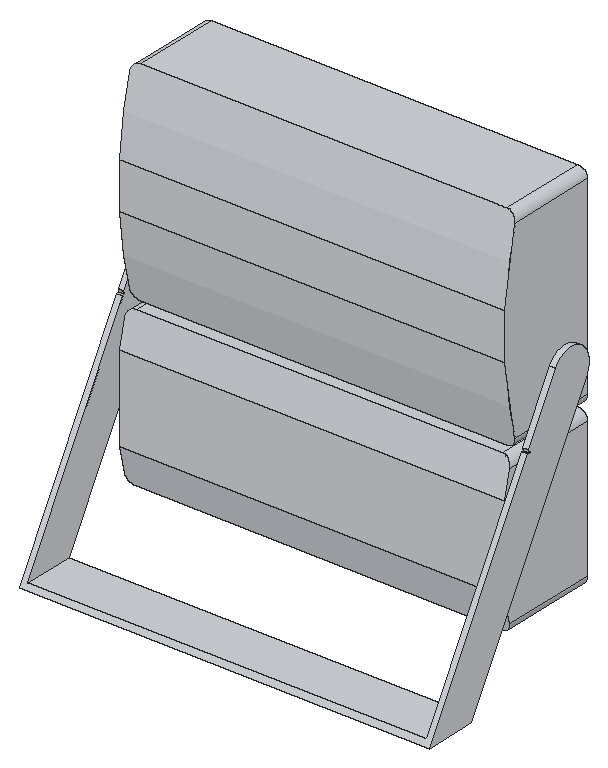
Revit family "Lighting-Floodlights-GEWISS-SMART[PRO]2.0-LED-MEDIUM-POWER_2MODULE_DALI.CLII", category Apparecchi per illuminazione, host Superficie, Revit 2019 (continued)
Types (46, lengths in mm): name | Versions | Unified Glare Rating | Technical sheet | Standard Deviation Colour Matching | Optic : | Optic | Modello | Lumen output (lm) | Immagine tipo | IPEA | IDT | Efficiency (lm/W) | Descrizione | Colour temperature | Color Rendering Index
  GWP2274LB - SMARTPRO2.0 2M 4000K CRI70 C2 DALI CL2 | "4000K natural light" | "G*6 - ULOR = 0" | "https://www.gewiss.com/ww/en/search?q=GWP2274LB" | "SDCM = 5" | "Polished quartz and metallized PC HT reflector" | "C2 - Circular 25°" | "GWP2274LB" | "40000" | GWP2273LD.jpg | "ROAD = A + // LARGE AREAS = A4 + // CICLOPEDONALI = A ++ // GREEN AREAS = A ++ // HISTORICAL CENTER = A6 + // OTHER = A6 +" | "9e6d626ee0e0481d993c887008ef68ff" | "121" | "SMARTPRO2.0 2M 4000K CRI70 C2 DALI CL2" | "4000K" | "CRI-70"
  GWP2274MB - SMARTPRO2.0 2M 4000K CRI70 C1 DALI CL2 | "4000K natural light" | "G*6 - ULOR = 0" | "https://www.gewiss.com/ww/en/search?q=GWP2274MB" | "SDCM = 5" | "Polished quartz and metallized PC HT reflector" | "C1 - Circular 30°" | "GWP2274MB" | "40000" | GWP2273MD.jpg | "ROAD = A + // LARGE AREAS = A4 + // CICLOPEDONALI = A ++ // GREEN AREAS = A ++ // HISTORICAL CENTER = A6 + // OTHER = A6 +" | "44288b9d7af84eeba07b06b35b706525" | "121" | "SMARTPRO2.0 2M 4000K CRI70 C1 DALI CL2" | "4000K" | "CRI-70"
  GWP2275AB - SMARTPRO2.0 2M 5700K CRI70 S1 DALI CL2 | "5700K cold light" | "G*6 - ULOR = 0" | "https://www.gewiss.com/ww/en/search?q=GWP2275AB" | "SDCM = 5" | "Polished quartz and metallized PC HT reflector" | "S1 - Symmetric Wide" | "GWP2275AB" | "39200" | GWP2274AD.jpg | "ROAD = A // LARGE AREAS = A3 + // CYCLOPEDONALS = A + // GREEN AREAS = A + // HISTORICAL CENTER = A6 + // OTHER = A6 +" | "d5bea3224395495584c5324f5edf28bf" | "119" | "SMARTPRO2.0 2M 5700K CRI70 S1 DALI CL2" | "5700K" | "CRI-70"
  GWP2275BB - SMARTPRO2.0 2M 5700K CRI70 S2 DALI CL2 | "5700K cold light" | "G*6 - ULOR = 0" | "https://www.gewiss.com/ww/en/search?q=GWP2275BB" | "SDCM = 5" | "Polished anodised aluminum reflector with 99.99% pure aluminum" | "S2 - Symmetric Medium" | "GWP2275BB" | "40600" | GWP2275BD.jpg | "ROAD = A + // LARGE AREAS = A4 + // CICLOPEDONALI = A ++ // GREEN AREAS = A ++ // HISTORICAL CENTER = A6 + // OTHER = A6 +" | "5c40a7ef9c134d0c94a7d56361aa4a02" | "123" | "SMARTPRO2.0 2M 5700K CRI70 S2 DALI CL2" | "5700K" | "CRI-70"
  GWP2275CB - SMARTPRO2.0 2M 5700K CRI70 A1 DALI CL2 | "5700K cold light" | "G*4 - ULOR = 0" | "https://www.gewiss.com/ww/en/search?q=GWP2275CB" | "SDCM = 5" | "Polished quartz and metallized PC HT reflector" | "A1 - Asymmetrical Wide" | "GWP2275CB" | "38100" | GWP2275CD.jpg | "ROAD = A // LARGE AREAS = A3 + // CYCLOPEDONALS = A + // GREEN AREAS = A + // HISTORICAL CENTER = A5 + // OTHER = A5 +" | "5158cd25e83440dc8bf74c2d5da5516a" | "115" | "SMARTPRO2.0 2M 5700K CRI70 A1 DALI CL2" | "5700K" | "CRI-70"
  GWP2275FB - SMARTPRO2.0 2M 5700K CRI70 A2 DALI CL2 | "5700K cold light" | "G*3 - ULOR = 0" | "https://www.gewiss.com/ww/en/search?q=GWP2275FB" | "SDCM = 5" | "Polished anodised aluminum reflector with 99.99% pure aluminum" | "A2 - Asymmetrical Medium" | "GWP2275FB" | "32800" | GWP2275FD.jpg | "ROAD = C // LARGE AREAS = A + // CYCLOPEDONALS = B // GREEN AREAS = B // HISTORICAL CENTER = A3 + // OTHER = A3 +" | "59deb40247814793b1e10a8875457bb0" | "99" | "SMARTPRO2.0 2M 5700K CRI70 A2 DALI CL2" | "5700K" | "CRI-70"
  GWP2275GB - SMARTPRO2.0 2M 5700K CRI70 C4 DALI CL2 | "5700K cold light" | "G*6 - ULOR = 0" | "https://www.gewiss.com/ww/en/search?q=GWP2275GB" | "SDCM = 5" | "Polished quartz and metallized PC HT reflector" | "C4 - Circular 15°" | "GWP2275GB" | "40900" | GWP2275GD.jpg | "ROAD = A + // LARGE AREAS = A4 + // CICLOPEDONALI = A ++ // GREEN AREAS = A ++ // HISTORICAL CENTER = A6 + // OTHER = A6 +" | "dd30ef90edb6445498310c09e024a283" | "124" | "SMARTPRO2.0 2M 5700K CRI70 C4 DALI CL2" | "5700K" | "CRI-70"
  GWP2275HB - SMARTPRO2.0 2M 5700K CRI70 C3 DALI CL2 | "5700K cold light" | "G*6 - ULOR = 0" | "https://www.gewiss.com/ww/en/search?q=GWP2275HB" | "SDCM = 5" | "Polished quartz and metallized PC HT reflector" | "C3 - Circular 20°" | "GWP2275HB" | "40900" | GWP2275HD.jpg | "ROAD = A + // LARGE AREAS = A4 + // CICLOPEDONALI = A ++ // GREEN AREAS = A ++ // HISTORICAL CENTER = A6 + // OTHER = A6 +" | "589a8be09c23442196b9b4075ac82ccd" | "124" | "SMARTPRO2.0 2M 5700K CRI70 C3 DALI CL2" | "5700K" | "CRI-70"
  GWP2275LB - SMARTPRO2.0 2M 5700K CRI70 C2 DALI CL2 | "5700K cold light" | "G*6 - ULOR = 0" | "https://www.gewiss.com/ww/en/search?q=GWP2275LB" | "SDCM = 5" | "Polished quartz and metallized PC HT reflector" | "C2 - Circular 25°" | "GWP2275LB" | "40000" | GWP2275LD.jpg | "ROAD = A + // LARGE AREAS = A4 + // CICLOPEDONALI = A ++ // GREEN AREAS = A ++ // HISTORICAL CENTER = A6 + // OTHER = A6 +" | "06ad80a1b23247fbaf66b63b953750ed" | "121" | "SMARTPRO2.0 2M 5700K CRI70 C2 DALI CL2" | "5700K" | "CRI-70"
  GWP2275MB - SMARTPRO2.0 2M 5700K CRI70 C1 DALI CL2 | "5700K cold light" | "G*6 - ULOR = 0" | "https://www.gewiss.com/ww/en/search?q=GWP2275MB" | "SDCM = 5" | "Polished quartz and metallized PC HT reflector" | "C1 - Circular 30°" | "GWP2275MB" | "40000" | GWP2275MD.jpg | "ROAD = A + // LARGE AREAS = A4 + // CICLOPEDONALI = A ++ // GREEN AREAS = A ++ // HISTORICAL CENTER = A6 + // OTHER = A6 +" | "2ed15522a6594842accb66817c0f5006" | "121" | "SMARTPRO2.0 2M 5700K CRI70 C1 DALI CL2" | "5700K" | "CRI-70"
  GWP2273NB - SMARTPRO2.0 2M 3000K CRI70 A3 DALI CL2 | "3000K warm light" | "G*6 - ULOR = 0" | "https://www.gewiss.com/ww/en/search?q=GWP2273NB" | "SDCM = 5" | "Polished anodised aluminum reflector with 99.99% pure aluminum" | "A3 - Assymetric Narrow" | "GWP2273NB" | "37200" | GWP2273MD.jpg | "ROAD = A // LARGE AREAS = A3 + // CYCLOPEDONALS = A + // GREEN AREAS = A + // HISTORICAL CENTER = A5 + // OTHER = A5 +" | "e2e693e41fe74a66ac9c686c5a8f93d4" | "113" | "SMARTPRO2.0 2M 3000K CRI70 A3 DALI CL2" | "3000K" | "CRI-70"
  GWP2274NB - SMARTPRO2.0 2M 4000K CRI70 A3 DALI CL2 | "4000K natural light" | "G*6 - ULOR = 0" | "https://www.gewiss.com/ww/en/search?q=GWP2274NB" | "SDCM = 5" | "Polished anodised aluminum reflector with 99.99% pure aluminum" | "A3 - Assymetric Narrow" | "GWP2274NB" | "39800" | GWP2273MD.jpg | "ROAD = A + // LARGE AREAS = A4 + // CICLOPEDONALI = A ++ // GREEN AREAS = A ++ // HISTORICAL CENTER = A6 + // OTHER = A6 +" | "fe9e07ec04114fba9a5248143d1d1733" | "121" | "SMARTPRO2.0 2M 4000K CRI70 A3 DALI CL2" | "4000K" | "CRI-70"
  GWP2275NB - SMARTPRO2.0 2M 5700K CRI70 A3 DALI CL2 | "5700K cold light" | "G*6 - ULOR = 0" | "https://www.gewiss.com/ww/en/search?q=GWP2275NB" | "SDCM = 5" | "Polished anodised aluminum reflector with 99.99% pure aluminum" | "A3 - Assymetric Narrow" | "GWP2275NB" | "39800" | GWP2275MD.jpg | "ROAD = A + // LARGE AREAS = A4 + // CICLOPEDONALI = A ++ // GREEN AREAS = A ++ // HISTORICAL CENTER = A6 + // OTHER = A6 +" | "2446ee734c8047bfa32cf1b0734a982d" | "121" | "SMARTPRO2.0 2M 5700K CRI70 A3 DALI CL2" | "5700K" | "CRI-70"
  GWP2284AB - SMARTPRO2.0 2M 4000K CRI80 S1 DALI CL2 | "4000K natural light" | "G*6 - ULOR = 0" | "https://www.gewiss.com/ww/en/search?q=GWP2284AB" | "SDCM = 3" | "Polished quartz and metallized PC HT reflector" | "S1 - Symmetric Wide" | "GWP2284AB" | "36600" | GWP2274AD.jpg | "ROAD = A // LARGE AREAS = A ++ // CYCLOPEDONALS = A + // GREEN AREAS = A + // HISTORICAL CENTER = A4 + // OTHER = A4 +" | "8431ae094de54600af6bf3c38a360cce" | "111" | "SMARTPRO2.0 2M 4000K CRI80 S1 DALI CL2" | "4000K" | "CRI-80"
  GWP2284BB - SMARTPRO2.0 2M 4000K CRI80 S2 DALI CL2 | "4000K natural light" | "G*6 - ULOR = 0" | "https://www.gewiss.com/ww/en/search?q=GWP2284BB" | "SDCM = 3" | "Polished anodised aluminum reflector with 99.99% pure aluminum" | "S2 - Symmetric Medium" | "GWP2284BB" | "37900" | GWP2274AD.jpg | "ROAD = A // LARGE AREAS = A3 + // CYCLOPEDONALS = A + // GREEN AREAS = A + // HISTORICAL CENTER = A5 + // OTHER = A5 +" | "0e9ee387a2a84ee595dd18c280f8cd03" | "115" | "SMARTPRO2.0 2M 4000K CRI80 S2 DALI CL2" | "4000K" | "CRI-80"
  GWP2284CB - SMARTPRO2.0 2M 4000K CRI80 A1 DALI CL2 | "4000K natural light" | "G*4 - ULOR = 0" | "https://www.gewiss.com/ww/en/search?q=GWP2284CB" | "SDCM = 3" | "Polished quartz and metallized PC HT reflector" | "A1 - Asymmetrical Wide" | "GWP2284CB" | "35600" | GWP2274AD.jpg | "ROAD = B // LARGE AREAS = A ++ // CYCLOPEDONALS = A // GREEN AREAS = A // HISTORICAL CENTER = A4 + // OTHER = A4 +" | "4f59b70de64b46aa9bf9103ab5c2abfb" | "108" | "SMARTPRO2.0 2M 4000K CRI80 A1 DALI CL2" | "4000K" | "CRI-80"
  GWP2284FB - SMARTPRO2.0 2M 4000K CRI80 A2 DALI CL2 | "4000K natural light" | "G*3 - ULOR = 0" | "https://www.gewiss.com/ww/en/search?q=GWP2284FB" | "SDCM = 3" | "Polished anodised aluminum reflector with 99.99% pure aluminum" | "A2 - Asymmetrical Medium" | "GWP2284FB" | "30600" | GWP2274AD.jpg | "ROAD = C // LARGE AREAS = A // CICLOPEDONALI = B // GREEN AREAS = B // HISTORICAL CENTER = A ++ // OTHER = A ++" | "72596783e35644f190889f4d1e0dd92f" | "93" | "SMARTPRO2.0 2M 4000K CRI80 A2 DALI CL2" | "4000K" | "CRI-80"
  GWP2284GB - SMARTPRO2.0 2M 4000K CRI80 C4 DALI CL2 | "4000K natural light" | "G*6 - ULOR = 0" | "https://www.gewiss.com/ww/en/search?q=GWP2284GB" | "SDCM = 3" | "Polished quartz and metallized PC HT reflector" | "C4 - Circular 15°" | "GWP2284GB" | "38200" | GWP2274AD.jpg | "ROAD = A // LARGE AREAS = A3 + // CYCLOPEDONALS = A + // GREEN AREAS = A + // HISTORICAL CENTER = A5 + // OTHER = A5 +" | "75ba79d9bab14903909e1e7f1a5963b5" | "116" | "SMARTPRO2.0 2M 4000K CRI80 C4 DALI CL2" | "4000K" | "CRI-80"
  GWP2284HB - SMARTPRO2.0 2M 4000K CRI80 C3 DALI CL2 | "4000K natural light" | "G*6 - ULOR = 0" | "https://www.gewiss.com/ww/en/search?q=GWP2284HB" | "SDCM = 3" | "Polished quartz and metallized PC HT reflector" | "C3 - Circular 20°" | "GWP2284HB" | "38200" | GWP2274AD.jpg | "ROAD = A // LARGE AREAS = A3 + // CYCLOPEDONALS = A + // GREEN AREAS = A + // HISTORICAL CENTER = A5 + // OTHER = A5 +" | "d14636316cda4f33b48f4df3097d056c" | "116" | "SMARTPRO2.0 2M 4000K CRI80 C3 DALI CL2" | "4000K" | "CRI-80"
  GWP2284LB - SMARTPRO2.0 2M 4000K CRI80 C2 DALI CL2 | "4000K natural light" | "G*6 - ULOR = 0" | "https://www.gewiss.com/ww/en/search?q=GWP2284LB" | "SDCM = 3" | "Polished quartz and metallized PC HT reflector" | "C2 - Circular 25°" | "GWP2284LB" | "37300" | GWP2274AD.jpg | "ROAD = A // LARGE AREAS = A3 + // CYCLOPEDONALS = A + // GREEN AREAS = A + // HISTORICAL CENTER = A5 + // OTHER = A5 +" | "76361022ba584aa1a781f4bfe61dfb91" | "113" | "SMARTPRO2.0 2M 4000K CRI80 C2 DALI CL2" | "4000K" | "CRI-80"
  GWP2284MB - SMARTPRO2.0 2M 4000K CRI80 C1 DALI CL2 | "4000K natural light" | "G*6 - ULOR = 0" | "https://www.gewiss.com/ww/en/search?q=GWP2284MB" | "SDCM = 3" | "Polished quartz and metallized PC HT reflector" | "C1 - Circular 30°" | "GWP2284MB" | "37300" | GWP2274AD.jpg | "ROAD = A // LARGE AREAS = A3 + // CYCLOPEDONALS = A + // GREEN AREAS = A + // HISTORICAL CENTER = A5 + // OTHER = A5 +" | "0047e49d9b4f4e48a58225cd1c8c2c4a" | "113" | "SMARTPRO2.0 2M 4000K CRI80 C1 DALI CL2" | "4000K" | "CRI-80"
  GWP2284NB - SMARTPRO2.0 2M 4000K CRI80 A3 DALI CL2 | "4000K natural light" | "G*6 - ULOR = 0" | "https://www.gewiss.com/ww/en/search?q=GWP2284NB" | "SDCM = 3" | "Polished anodised aluminum reflector with 99.99% pure aluminum" | "A3 - Assymetric Narrow" | "GWP2284NB" | "37200" | GWP2274AD.jpg | "ROAD = A // LARGE AREAS = A3 + // CYCLOPEDONALS = A + // GREEN AREAS = A + // HISTORICAL CENTER = A5 + // OTHER = A5 +" | "132314cb1b854b53a35eaeb109d835d9" | "113" | "SMARTPRO2.0 2M 4000K CRI80 A3 DALI CL2" | "4000K" | "CRI-80"
  GWP2283AB - SMARTPRO2.0 2M 3000K CRI80 S1 DALI CL2 | "3000K warm light" | "G*6 - ULOR = 0" | "https://www.gewiss.com/ww/en/search?q=GWP2283AB" | "SDCM = 3" | "Polished quartz and metallized PC HT reflector" | "S1 - Symmetric Wide" | "GWP2283AB" | "34000" | GWP2274AD.jpg | "ROAD = B // LARGE AREAS = A + // CYCLOPEDONALS = A // GREEN AREAS = A // HISTORICAL CENTER = A3 + // OTHER = A3 +" | "503406fa5b8a4cb1b1bb9f87383b1df0" | "103" | "SMARTPRO2.0 2M 3000K CRI80 S1 DALI CL2" | "3000K" | "CRI-80"
  GWP2283BB - SMARTPRO2.0 2M 3000K CRI80 S2 DALI CL2 | "3000K warm light" | "G*6 - ULOR = 0" | "https://www.gewiss.com/ww/en/search?q=GWP2283BB" | "SDCM = 3" | "Polished anodised aluminum reflector with 99.99% pure aluminum" | "S2 - Symmetric Medium" | "GWP2283BB" | "35200" | GWP2274AD.jpg | "ROAD = B // LARGE AREAS = A ++ // CYCLOPEDONALS = A // GREEN AREAS = A // HISTORICAL CENTER = A4 + // OTHER = A4 +" | "f8fcc2a002c443a6bf4ef334adb2fc10" | "107" | "SMARTPRO2.0 2M 3000K CRI80 S2 DALI CL2" | "3000K" | "CRI-80"
  GWP2283CB - SMARTPRO2.0 2M 3000K CRI80 A1 DALI CL2 | "3000K warm light" | "G*4 - ULOR = 0" | "https://www.gewiss.com/ww/en/search?q=GWP2283CB" | "SDCM = 3" | "Polished quartz and metallized PC HT reflector" | "A1 - Asymmetrical Wide" | "GWP2283CB" | "33000" | GWP2274AD.jpg | "ROAD = B // LARGE AREAS = A + // CYCLOPEDONALS = B // GREEN AREAS = B // HISTORICAL CENTER = A3 + // OTHER = A3 +" | "deaadf05bce74297bc3ca0e355d35eb0" | "100" | "SMARTPRO2.0 2M 3000K CRI80 A1 DALI CL2" | "3000K" | "CRI-80"
  GWP2283FB - SMARTPRO2.0 2M 3000K CRI80 A2 DALI CL2 | "3000K warm light" | "G*3 - ULOR = 0" | "https://www.gewiss.com/ww/en/search?q=GWP2283FB" | "SDCM = 3" | "Polished anodised aluminum reflector with 99.99% pure aluminum" | "A2 - Asymmetrical Medium" | "GWP2283FB" | "28400" | GWP2274AD.jpg | "ROAD = C // LARGE AREAS = B // CYCLOPEDONALS = C // GREEN AREAS = C // HISTORICAL CENTER = A + // OTHER = A +" | "c6c43d8c62a54d9a9ac6149c101b0dd1" | "86" | "SMARTPRO2.0 2M 3000K CRI80 A2 DALI CL2" | "3000K" | "CRI-80"
  GWP2283GB - SMARTPRO2.0 2M 3000K CRI80 C4 DALI CL2 | "3000K warm light" | "G*6 - ULOR = 0" | "https://www.gewiss.com/ww/en/search?q=GWP2283GB" | "SDCM = 3" | "Polished quartz and metallized PC HT reflector" | "C4 - Circular 15°" | "GWP2283GB" | "35500" | GWP2274AD.jpg | "ROAD = B // LARGE AREAS = A ++ // CYCLOPEDONALS = A // GREEN AREAS = A // HISTORICAL CENTER = A4 + // OTHER = A4 +" | "f97f769f1cb8480bb7c5ffd54c317f37" | "108" | "SMARTPRO2.0 2M 3000K CRI80 C4 DALI CL2" | "3000K" | "CRI-80"
  GWP2283HB - SMARTPRO2.0 2M 3000K CRI80 C3 DALI CL2 | "3000K warm light" | "G*6 - ULOR = 0" | "https://www.gewiss.com/ww/en/search?q=GWP2283HB" | "SDCM = 3" | "Polished quartz and metallized PC HT reflector" | "C3 - Circular 20°" | "GWP2283HB" | "35500" | GWP2274AD.jpg | "ROAD = B // LARGE AREAS = A ++ // CYCLOPEDONALS = A // GREEN AREAS = A // HISTORICAL CENTER = A4 + // OTHER = A4 +" | "db43b9592e924870823cfc269478e53d" | "108" | "SMARTPRO2.0 2M 3000K CRI80 C3 DALI CL2" | "3000K" | "CRI-80"
  GWP2283LB - SMARTPRO2.0 2M 3000K CRI80 C2 DALI CL2 | "3000K warm light" | "G*6 - ULOR = 0" | "https://www.gewiss.com/ww/en/search?q=GWP2283LB" | "SDCM = 3" | "Polished quartz and metallized PC HT reflector" | "C2 - Circular 25°" | "GWP2283LB" | "34700" | GWP2274AD.jpg | "ROAD = B // LARGE AREAS = A ++ // CYCLOPEDONALS = A // GREEN AREAS = A // HISTORICAL CENTER = A3 + // OTHER = A3 +" | "3081dd7a27e246ef94da0fdda3a04ee3" | "105" | "SMARTPRO2.0 2M 3000K CRI80 C2 DALI CL2" | "3000K" | "CRI-80"
  GWP2283MB - SMARTPRO2.0 2M 3000K CRI80 C1 DALI CL2 | "3000K warm light" | "G*6 - ULOR = 0" | "https://www.gewiss.com/ww/en/search?q=GWP2283MB" | "SDCM = 3" | "Polished quartz and metallized PC HT reflector" | "C1 - Circular 30°" | "GWP2283MB" | "34700" | GWP2274AD.jpg | "ROAD = B // LARGE AREAS = A ++ // CYCLOPEDONALS = A // GREEN AREAS = A // HISTORICAL CENTER = A3 + // OTHER = A3 +" | "eaa14b8a891c40a9bde9454a3ec7d2ab" | "105" | "SMARTPRO2.0 2M 3000K CRI80 C1 DALI CL2" | "3000K" | "CRI-80"
  GWP2283NB - SMARTPRO2.0 2M 3000K CRI80 A3 DALI CL2 | "3000K warm light" | "G*6 - ULOR = 0" | "https://www.gewiss.com/ww/en/search?q=GWP2283NB" | "SDCM = 3" | "Polished anodised aluminum reflector with 99.99% pure aluminum" | "A3 - Assymetric Narrow" | "GWP2283NB" | "34500" | GWP2274AD.jpg | "ROAD = B // LARGE AREAS = A ++ // CYCLOPEDONALS = A // GREEN AREAS = A // HISTORICAL CENTER = A3 + // OTHER = A3 +" | "0afa487191a046d39886e670207cd3c3" | "105" | "SMARTPRO2.0 2M 3000K CRI80 A3 DALI CL2" | "3000K" | "CRI-80"
